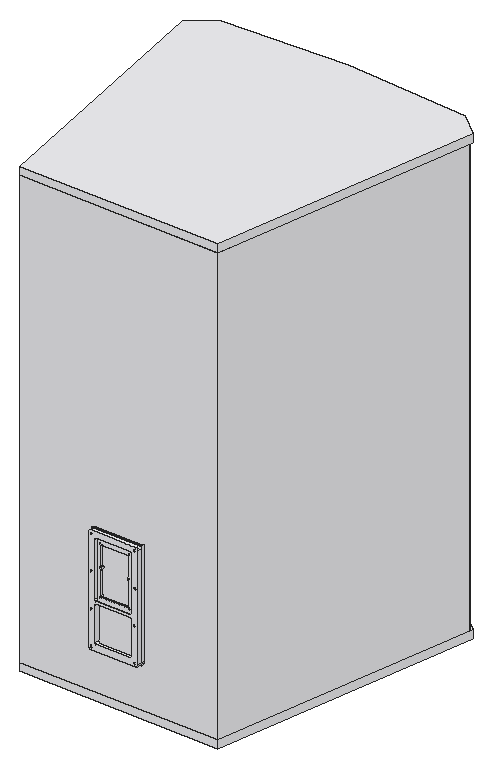
Revit family "EVC-1122-64", category Communication Devices, Revit 2017 (continued)
Definition of nested family "InputPanel_small"
  Lines and regions (mm)
    model lines, not visible
      curve 484: line (54.504, -9.5, 76.743) -> (56.298, -9.5, 74.554)
      curve 485: line (56.298, -9.5, 74.554) -> (55.807, -9.5, 74.222)
      curve 486: line (54.503, -9.5, 83.049) -> (56.297, -9.5, 80.86)
      curve 487: line (56.297, -9.5, 80.86) -> (55.806, -9.5, 80.528)
      curve 488: line (54.531, -9.5, 76.998) -> (56.131, -9.5, 75.046)
      curve 489: line (56.131, -9.5, 75.046) -> (56.7, -9.5, 75.046)
      curve 490: line (56.7, -9.5, 75.046) -> (54.662, -9.5, 77.533)
      curve 491: line (54.531, -9.5, 83.304) -> (56.13, -9.5, 81.352)
      curve 492: line (56.13, -9.5, 81.352) -> (56.699, -9.5, 81.352)
      curve 493: line (56.699, -9.5, 81.352) -> (54.661, -9.5, 83.839)
      curve 494: line (54.505, -9.5, 70.437) -> (56.298, -9.5, 68.248)
      curve 495: line (56.298, -9.5, 68.248) -> (55.807, -9.5, 67.915)
      curve 496: line (54.506, -9.5, 64.13) -> (56.299, -9.5, 61.942)
      curve 497: line (56.299, -9.5, 61.942) -> (55.808, -9.5, 61.609)
      curve 498: line (54.533, -9.5, 64.385) -> (56.132, -9.5, 62.433)
      curve 499: line (56.132, -9.5, 62.433) -> (56.702, -9.5, 62.433)
      curve 500: line (56.702, -9.5, 62.433) -> (54.664, -9.5, 64.92)
      curve 501: line (54.532, -9.5, 70.691) -> (56.131, -9.5, 68.739)
      curve 502: line (56.131, -9.5, 68.739) -> (56.701, -9.5, 68.739)
      curve 503: line (56.701, -9.5, 68.739) -> (54.663, -9.5, 71.227)
      curve 504: line (51.568, -9.5, 63.815) -> (51.568, -9.5, 60.772)
      curve 505: line (51.568, -9.5, 60.772) -> (46.145, -9.5, 60.771)
      curve 506: line (46.145, -9.5, 60.771) -> (46.141, -9.5, 85.996)
      curve 507: line (46.141, -9.5, 85.996) -> (51.565, -9.5, 85.997)
      curve 508: line (51.565, -9.5, 85.997) -> (52.989, -9.5, 85.997)
      curve 509: line (52.989, -9.5, 85.997) -> (49.876, -9.5, 86.125)
      curve 510: line (49.876, -9.5, 86.125) -> (49.754, -9.5, 86.302)
      curve 511: line (52.992, -9.5, 60.772) -> (51.568, -9.5, 60.772)
      curve 512: line (45.361, -9.5, 79.392) -> (45.362, -9.5, 73.88)
      curve 513: line (45.362, -9.5, 73.88) -> (41.147, -9.5, 73.88)
      curve 514: line (41.147, -9.5, 73.88) -> (41.146, -9.5, 79.392)
      curve 515: line (41.146, -9.5, 79.392) -> (45.361, -9.5, 79.392)
      curve 516: line (41.146, -9.5, 79.988) -> (41.145, -9.5, 85.499)
      curve 517: line (41.145, -9.5, 85.499) -> (45.36, -9.5, 85.5)
      curve 518: line (45.36, -9.5, 85.5) -> (45.361, -9.5, 79.988)
      curve 519: line (45.361, -9.5, 79.988) -> (41.146, -9.5, 79.988)
      curve 520: line (45.819, -9.5, 60.771) -> (45.816, -9.5, 85.996)
      curve 521: line (45.816, -9.5, 85.996) -> (40.689, -9.5, 85.996)
      curve 522: line (40.689, -9.5, 85.996) -> (40.692, -9.5, 60.771)
      curve 523: line (40.692, -9.5, 60.771) -> (45.819, -9.5, 60.771)
      curve 524: line (45.819, -9.5, 60.771) -> (46.145, -9.5, 60.771)
      curve 525: line (45.363, -9.5, 66.78) -> (45.363, -9.5, 61.268)
      curve 526: line (45.363, -9.5, 61.268) -> (41.148, -9.5, 61.267)
      curve 527: line (41.148, -9.5, 61.267) -> (41.147, -9.5, 66.779)
      curve 528: line (41.147, -9.5, 66.779) -> (45.363, -9.5, 66.78)
      curve 529: line (41.147, -9.5, 67.375) -> (41.147, -9.5, 72.887)
      curve 530: line (41.147, -9.5, 72.887) -> (45.362, -9.5, 72.887)
      curve 531: line (45.362, -9.5, 72.887) -> (45.363, -9.5, 67.375)
      curve 532: line (45.363, -9.5, 67.375) -> (41.147, -9.5, 67.375)
      curve 533: line (45.816, -9.5, 85.996) -> (46.141, -9.5, 85.996)
      curve 534: line (46.141, -9.5, 85.996) -> (42.88, -9.5, 86.124)
      curve 535: line (42.88, -9.5, 86.124) -> (42.758, -9.5, 86.301)
      curve 536: line (42.758, -9.5, 86.301) -> (45.891, -9.5, 86.301)
      curve 537: line (45.891, -9.5, 86.301) -> (46.013, -9.5, 86.124)
      curve 538: line (45.361, -9.5, 78.225) -> (43.953, -9.5, 78.225)
      curve 539: line (43.953, -9.5, 78.225) -> (43.627, -9.5, 78.913)
      curve 540: line (43.627, -9.5, 78.913) -> (43.242, -9.5, 79.392)
      curve 541: line (45.363, -9.5, 65.613) -> (43.954, -9.5, 65.612)
      curve 542: line (43.954, -9.5, 65.612) -> (43.629, -9.5, 66.3)
      curve 543: line (43.629, -9.5, 66.3) -> (43.244, -9.5, 66.779)
      curve 544: line (45.362, -9.5, 68.542) -> (43.954, -9.5, 68.542)
      curve 545: line (43.954, -9.5, 68.542) -> (43.629, -9.5, 67.854)
      curve 546: line (43.629, -9.5, 67.854) -> (43.244, -9.5, 67.375)
      curve 547: line (45.361, -9.5, 81.155) -> (43.952, -9.5, 81.155)
      curve 548: line (43.952, -9.5, 81.155) -> (43.627, -9.5, 80.467)
      curve 549: line (43.627, -9.5, 80.467) -> (43.242, -9.5, 79.988)
      curve 550: line (45.362, -9.5, 71.919) -> (43.954, -9.5, 71.919)
      curve 551: line (43.954, -9.5, 71.919) -> (43.628, -9.5, 72.607)
      curve 552: line (43.628, -9.5, 72.607) -> (43.403, -9.5, 72.887)
      curve 553: line (45.361, -9.5, 84.532) -> (43.952, -9.5, 84.531)
      curve 554: line (43.952, -9.5, 84.531) -> (43.627, -9.5, 85.219)
      curve 555: line (43.627, -9.5, 85.219) -> (43.401, -9.5, 85.5)
      curve 556: line (45.362, -9.5, 74.849) -> (43.953, -9.5, 74.848)
      curve 557: line (43.953, -9.5, 74.848) -> (43.628, -9.5, 74.16)
      curve 558: line (43.403, -9.5, 73.88) -> (43.628, -9.5, 74.16)
      curve 559: line (43.628, -9.5, 74.16) -> (43.627, -9.5, 78.913)
      curve 560: line (45.363, -9.5, 62.236) -> (43.955, -9.5, 62.236)
      curve 561: line (43.955, -9.5, 62.236) -> (43.629, -9.5, 61.548)
      curve 562: line (43.629, -9.5, 61.548) -> (43.629, -9.5, 66.3)
      curve 563: line (43.404, -9.5, 61.267) -> (43.629, -9.5, 61.548)
      curve 564: line (43.954, -9.5, 68.542) -> (43.954, -9.5, 71.919)
      curve 565: line (43.952, -9.5, 81.155) -> (43.952, -9.5, 84.531)
      curve 566: line (43.954, -9.5, 65.612) -> (43.955, -9.5, 62.236)
      curve 567: line (43.953, -9.5, 78.225) -> (43.953, -9.5, 74.848)
      curve 568: line (45.891, -9.5, 86.301) -> (45.891, -9.5, 86.563)
      curve 569: line (45.891, -9.5, 86.563) -> (42.758, -9.5, 86.562)
      curve 570: line (42.758, -9.5, 86.562) -> (42.758, -9.5, 86.301)
      curve 571: line (45.891, -9.5, 86.563) -> (46.472, -9.5, 86.563)
      curve 572: line (46.472, -9.5, 86.563) -> (46.472, -9.5, 86.301)
      curve 573: line (46.472, -9.5, 86.301) -> (46.35, -9.5, 86.124)
      curve 574: line (42.244, -9.5, 79.988) -> (42.243, -9.5, 85.499)
      curve 575: line (42.246, -9.5, 67.375) -> (42.245, -9.5, 72.887)
      curve 576: line (42.246, -9.5, 61.267) -> (42.246, -9.5, 66.779)
      curve 577: line (42.245, -9.5, 73.88) -> (42.244, -9.5, 79.392)
      curve 578: line (43.629, -9.5, 67.854) -> (43.628, -9.5, 72.607)
      curve 579: line (43.627, -9.5, 80.467) -> (43.627, -9.5, 85.219)
      curve 580: line (52.887, -9.5, 86.302) -> (53.009, -9.5, 86.125)
      curve 581: line (52.887, -9.5, 86.563) -> (52.887, -9.5, 86.302)
      curve 582: line (52.887, -9.5, 86.302) -> (49.754, -9.5, 86.302)
      curve 583: line (49.754, -9.5, 86.302) -> (49.754, -9.5, 86.563)
      curve 584: line (49.754, -9.5, 86.563) -> (52.887, -9.5, 86.563)
      curve 585: line (52.887, -9.5, 86.563) -> (53.468, -9.5, 86.563)
      curve 586: line (53.468, -9.5, 86.563) -> (53.468, -9.5, 86.302)
      curve 587: line (53.468, -9.5, 86.302) -> (53.346, -9.5, 86.125)
      curve 588: line (78.97, -9.5, 60.972) -> (78.967, -9.5, 85.803)
      curve 589: line (78.912, -9.5, 85.748) -> (78.915, -9.5, 61.027)
      curve 590: line (77.958, -9.5, 86.812) -> (40.515, -9.5, 86.808)
      curve 591: line (40.57, -9.5, 86.753) -> (77.903, -9.5, 86.757)
      curve 592: line (39.506, -9.5, 85.799) -> (39.509, -9.5, 60.968)
      curve 593: line (39.509, -9.5, 60.97) -> (39.561, -9.5, 85.744)
      curve 594: line (40.518, -9.5, 59.959) -> (77.962, -9.5, 59.963)
      curve 595: line (77.907, -9.5, 60.018) -> (40.573, -9.5, 60.014)
      curve 596: line (61.368, -9.5, 70.233) -> (59.749, -9.5, 70.232)
      curve 597: line (59.749, -9.5, 70.232) -> (59.415, -9.5, 70.232)
      curve 598: line (61.369, -9.5, 63.926) -> (59.75, -9.5, 63.926)
      curve 599: line (59.75, -9.5, 63.926) -> (59.417, -9.5, 63.926)
      curve 600: line (61.367, -9.5, 76.539) -> (59.748, -9.5, 76.539)
      curve 601: line (59.748, -9.5, 76.539) -> (59.415, -9.5, 76.539)
      curve 602: line (61.367, -9.5, 82.845) -> (59.747, -9.5, 82.845)
      curve 603: line (59.747, -9.5, 82.845) -> (59.414, -9.5, 82.845)
      curve 604: line (57.109, -9.5, 76.538) -> (58.728, -9.5, 76.539)
      curve 605: line (58.728, -9.5, 76.539) -> (59.062, -9.5, 76.539)
      curve 606: line (57.108, -9.5, 82.845) -> (58.727, -9.5, 82.845)
      curve 607: line (58.727, -9.5, 82.845) -> (59.06, -9.5, 82.845)
      curve 608: line (57.109, -9.5, 70.232) -> (58.729, -9.5, 70.232)
      curve 609: line (58.729, -9.5, 70.232) -> (59.062, -9.5, 70.232)
      curve 610: line (57.11, -9.5, 63.926) -> (58.729, -9.5, 63.926)
      curve 611: line (58.729, -9.5, 63.926) -> (59.063, -9.5, 63.926)
    model lines
      curve 612: arc (-30.696, -4.337, 30.291) -> (-31.037, -4.337, 28.695) -> (-32.139, -4.337, 27.491) r 3.109
      curve 613: arc (-30.695, -4.337, 42.904) -> (-31.035, -4.337, 41.308) -> (-32.138, -4.337, 40.104) r 3.109
      curve 614: arc (-30.698, -4.337, 23.985) -> (-31.033, -4.337, 22.399) -> (-32.121, -4.337, 21.198) r 3.108
      curve 615: arc (-30.696, -4.337, 36.598) -> (-31.031, -4.337, 35.012) -> (-32.119, -4.337, 33.811) r 3.108
      curve 616: arc (-31.992, -4.337, 33.004) -> (-31.001, -4.337, 31.812) -> (-30.695, -4.337, 30.291) r 3.166
      curve 617: arc (-31.991, -4.337, 45.616) -> (-30.999, -4.337, 44.424) -> (-30.693, -4.337, 42.904) r 3.166
      curve 618: arc (-31.993, -4.337, 26.696) -> (-31.002, -4.337, 25.504) -> (-30.696, -4.337, 23.985) r 3.165
      curve 619: arc (-31.991, -4.337, 39.309) -> (-31.001, -4.337, 38.117) -> (-30.695, -4.337, 36.598) r 3.165
      curve 620: arc (-30.343, -4.337, 36.598) -> (-30.002, -4.337, 38.194) -> (-28.9, -4.337, 39.398) r 3.109
      curve 621: arc (-30.344, -4.337, 23.985) -> (-30.004, -4.337, 25.581) -> (-28.901, -4.337, 26.785) r 3.109
      curve 622: arc (-30.341, -4.337, 42.904) -> (-30.006, -4.337, 44.49) -> (-28.918, -4.337, 45.691) r 3.108
      curve 623: arc (-30.343, -4.337, 30.291) -> (-30.007, -4.337, 31.877) -> (-28.92, -4.337, 33.078) r 3.108
      curve 624: arc (-29.046, -4.337, 33.885) -> (-30.038, -4.337, 35.077) -> (-30.344, -4.337, 36.598) r 3.166
      curve 625: arc (-29.048, -4.337, 21.273) -> (-30.039, -4.337, 22.465) -> (-30.346, -4.337, 23.985) r 3.166
      curve 626: arc (-29.046, -4.337, 40.193) -> (-30.037, -4.337, 41.385) -> (-30.343, -4.337, 42.904) r 3.165
      curve 627: arc (-29.048, -4.337, 27.58) -> (-30.038, -4.337, 28.772) -> (-30.344, -4.337, 30.291) r 3.165
      curve 628: arc (-33.959, -4.337, 27.746) -> (-35.033, -4.337, 28.816) -> (-35.384, -4.337, 30.292) r 2.775
      curve 629: arc (-34.651, -4.337, 27.426) -> (-35.725, -4.337, 28.679) -> (-36.075, -4.337, 30.292) r 3.371
      curve 630: arc (-33.959, -4.337, 27.746) -> (-34.28, -4.337, 27.533) -> (-34.651, -4.337, 27.426) r 1.273
      curve 631: arc (-33.957, -4.337, 40.358) -> (-35.031, -4.337, 41.429) -> (-35.382, -4.337, 42.905) r 2.775
      curve 632: arc (-34.649, -4.337, 40.039) -> (-35.723, -4.337, 41.292) -> (-36.074, -4.337, 42.905) r 3.371
      curve 633: arc (-33.957, -4.337, 40.358) -> (-34.279, -4.337, 40.146) -> (-34.649, -4.337, 40.039) r 1.273
      curve 634: arc (-33.96, -4.337, 21.44) -> (-35.033, -4.337, 22.511) -> (-35.384, -4.337, 23.986) r 2.774
      curve 635: arc (-34.651, -4.337, 21.121) -> (-35.725, -4.337, 22.374) -> (-36.075, -4.337, 23.986) r 3.37
      curve 636: arc (-33.96, -4.337, 21.44) -> (-34.281, -4.337, 21.228) -> (-34.651, -4.337, 21.121) r 1.273
      curve 637: arc (-33.958, -4.337, 34.053) -> (-35.032, -4.337, 35.123) -> (-35.382, -4.337, 36.598) r 2.774
      curve 638: arc (-34.65, -4.337, 33.734) -> (-35.723, -4.337, 34.986) -> (-36.074, -4.337, 36.598) r 3.37
      curve 639: arc (-33.958, -4.337, 34.053) -> (-34.28, -4.337, 33.84) -> (-34.65, -4.337, 33.734) r 1.273
      curve 640: arc (-35.384, -4.337, 30.292) -> (-35.033, -4.337, 31.767) -> (-33.958, -4.337, 32.838) r 2.775
      curve 641: arc (-34.65, -4.337, 33.157) -> (-34.28, -4.337, 33.051) -> (-33.958, -4.337, 32.838) r 1.273
      curve 642: arc (-36.075, -4.337, 30.292) -> (-35.724, -4.337, 31.905) -> (-34.65, -4.337, 33.157) r 3.371
      curve 643: arc (-35.382, -4.337, 42.905) -> (-35.031, -4.337, 44.38) -> (-33.957, -4.337, 45.451) r 2.775
      curve 644: arc (-34.648, -4.337, 45.77) -> (-34.278, -4.337, 45.663) -> (-33.957, -4.337, 45.451) r 1.273
      curve 645: arc (-36.074, -4.337, 42.905) -> (-35.723, -4.337, 44.517) -> (-34.648, -4.337, 45.77) r 3.371
      curve 646: arc (-35.384, -4.337, 23.986) -> (-35.033, -4.337, 25.461) -> (-33.959, -4.337, 26.531) r 2.774
      curve 647: arc (-34.651, -4.337, 26.85) -> (-34.28, -4.337, 26.743) -> (-33.959, -4.337, 26.531) r 1.273
      curve 648: arc (-36.075, -4.337, 23.986) -> (-35.725, -4.337, 25.598) -> (-34.651, -4.337, 26.85) r 3.37
      curve 649: arc (-35.382, -4.337, 36.598) -> (-35.031, -4.337, 38.073) -> (-33.958, -4.337, 39.143) r 2.774
      curve 650: arc (-34.649, -4.337, 39.463) -> (-34.279, -4.337, 39.356) -> (-33.958, -4.337, 39.143) r 1.273
      curve 651: arc (-36.074, -4.337, 36.598) -> (-35.723, -4.337, 38.21) -> (-34.649, -4.337, 39.463) r 3.37
      curve 652: arc (-30.908, -4.337, 23.985) -> (-31.259, -4.337, 22.51) -> (-32.333, -4.337, 21.44) r 2.774
      curve 653: arc (-32.332, -4.337, 26.53) -> (-31.258, -4.337, 25.46) -> (-30.908, -4.337, 23.985) r 2.774
      curve 654: arc (-30.906, -4.337, 30.291) -> (-31.258, -4.337, 28.816) -> (-32.332, -4.337, 27.745) r 2.775
      curve 655: arc (-32.331, -4.337, 32.838) -> (-31.257, -4.337, 31.767) -> (-30.906, -4.337, 30.291) r 2.775
      curve 656: arc (-30.906, -4.337, 36.598) -> (-31.257, -4.337, 35.123) -> (-32.331, -4.337, 34.053) r 2.774
      curve 657: arc (-32.33, -4.337, 39.143) -> (-31.257, -4.337, 38.073) -> (-30.906, -4.337, 36.598) r 2.774
      curve 658: arc (-30.905, -4.337, 42.904) -> (-31.256, -4.337, 41.429) -> (-32.33, -4.337, 40.358) r 2.775
      curve 659: arc (-32.33, -4.337, 45.45) -> (-31.256, -4.337, 44.38) -> (-30.905, -4.337, 42.904) r 2.775
      curve 660: arc (-36.768, -4.337, 27.427) -> (-37.818, -4.337, 28.63) -> (-38.191, -4.337, 30.182) r 3.348
      curve 661: arc (-36.766, -4.337, 40.039) -> (-37.816, -4.337, 41.242) -> (-38.19, -4.337, 42.794) r 3.348
      curve 662: arc (-38.191, -4.337, 30.403) -> (-37.817, -4.337, 31.955) -> (-36.767, -4.337, 33.158) r 3.348
      curve 663: arc (-38.19, -4.337, 43.015) -> (-37.816, -4.337, 44.568) -> (-36.766, -4.337, 45.77) r 3.348
      curve 664: arc (-36.769, -4.337, 21.121) -> (-37.825, -4.337, 22.337) -> (-38.192, -4.337, 23.905) r 3.353
      curve 665: arc (-36.767, -4.337, 33.734) -> (-37.823, -4.337, 34.95) -> (-38.191, -4.337, 36.517) r 3.353
      curve 666: arc (-38.192, -4.337, 24.067) -> (-37.824, -4.337, 25.635) -> (-36.768, -4.337, 26.85) r 3.353
      curve 667: arc (-38.191, -4.337, 36.68) -> (-37.823, -4.337, 38.248) -> (-36.767, -4.337, 39.463) r 3.353
      curve 668: arc (-32.649, -4.337, 30.292) -> (-32.982, -4.337, 28.919) -> (-34.009, -4.337, 27.951) r 2.482
      curve 669: arc (-32.65, -4.337, 23.985) -> (-32.983, -4.337, 22.613) -> (-34.01, -4.337, 21.644) r 2.482
      curve 670: arc (-33.058, -4.337, 25.478) -> (-32.751, -4.337, 24.76) -> (-32.65, -4.337, 23.985) r 2.857
      curve 671: arc (-33.734, -4.337, 25.636) -> (-33.68, -4.337, 25.558) -> (-33.628, -4.337, 25.478) r 2.446
      curve 672: arc (-33.058, -4.337, 31.784) -> (-32.75, -4.337, 31.066) -> (-32.649, -4.337, 30.292) r 2.857
      curve 673: arc (-33.733, -4.337, 31.942) -> (-33.679, -4.337, 31.864) -> (-33.627, -4.337, 31.784) r 2.446
      curve 674: arc (-32.649, -4.337, 36.598) -> (-32.981, -4.337, 35.226) -> (-34.008, -4.337, 34.257) r 2.482
      curve 675: arc (-32.648, -4.337, 42.904) -> (-32.98, -4.337, 41.532) -> (-34.008, -4.337, 40.563) r 2.482
      curve 676: arc (-33.057, -4.337, 38.091) -> (-32.75, -4.337, 37.372) -> (-32.649, -4.337, 36.598) r 2.857
      curve 677: arc (-33.733, -4.337, 38.249) -> (-33.678, -4.337, 38.171) -> (-33.626, -4.337, 38.091) r 2.446
      curve 678: arc (-33.056, -4.337, 44.397) -> (-32.749, -4.337, 43.679) -> (-32.648, -4.337, 42.904) r 2.857
      curve 679: arc (-33.732, -4.337, 44.555) -> (-33.677, -4.337, 44.477) -> (-33.626, -4.337, 44.397) r 2.446
      curve 680: arc (-27.08, -4.337, 39.143) -> (-26.006, -4.337, 38.073) -> (-25.655, -4.337, 36.597) r 2.775
      curve 681: arc (-26.388, -4.337, 39.463) -> (-25.314, -4.337, 38.21) -> (-24.964, -4.337, 36.597) r 3.371
      curve 682: arc (-27.08, -4.337, 39.143) -> (-26.759, -4.337, 39.356) -> (-26.388, -4.337, 39.463) r 1.273
      curve 683: arc (-27.082, -4.337, 26.531) -> (-26.007, -4.337, 25.46) -> (-25.657, -4.337, 23.984) r 2.775
      curve 684: arc (-26.39, -4.337, 26.85) -> (-25.316, -4.337, 25.597) -> (-24.965, -4.337, 23.984) r 3.371
      curve 685: arc (-27.082, -4.337, 26.531) -> (-26.76, -4.337, 26.743) -> (-26.39, -4.337, 26.85) r 1.273
      curve 686: arc (-27.079, -4.337, 45.449) -> (-26.006, -4.337, 44.378) -> (-25.655, -4.337, 42.903) r 2.774
      curve 687: arc (-26.388, -4.337, 45.768) -> (-25.314, -4.337, 44.515) -> (-24.963, -4.337, 42.903) r 3.37
      curve 688: arc (-27.079, -4.337, 45.449) -> (-26.758, -4.337, 45.661) -> (-26.388, -4.337, 45.768) r 1.273
      curve 689: arc (-27.081, -4.337, 32.836) -> (-26.007, -4.337, 31.766) -> (-25.657, -4.337, 30.291) r 2.774
      curve 690: arc (-26.389, -4.337, 33.155) -> (-25.315, -4.337, 31.903) -> (-24.965, -4.337, 30.291) r 3.37
      curve 691: arc (-27.081, -4.337, 32.836) -> (-26.759, -4.337, 33.049) -> (-26.389, -4.337, 33.155) r 1.273
      curve 692: arc (-25.655, -4.337, 36.597) -> (-26.006, -4.337, 35.122) -> (-27.081, -4.337, 34.051) r 2.775
      curve 693: arc (-26.389, -4.337, 33.732) -> (-26.759, -4.337, 33.838) -> (-27.081, -4.337, 34.051) r 1.273
      curve 694: arc (-24.964, -4.337, 36.597) -> (-25.315, -4.337, 34.984) -> (-26.389, -4.337, 33.732) r 3.371
      curve 695: arc (-25.657, -4.337, 23.984) -> (-26.008, -4.337, 22.509) -> (-27.082, -4.337, 21.438) r 2.775
      curve 696: arc (-26.391, -4.337, 21.119) -> (-26.761, -4.337, 21.226) -> (-27.082, -4.337, 21.438) r 1.273
      curve 697: arc (-24.965, -4.337, 23.984) -> (-25.316, -4.337, 22.372) -> (-26.391, -4.337, 21.119) r 3.371
      curve 698: arc (-25.655, -4.337, 42.903) -> (-26.006, -4.337, 41.429) -> (-27.08, -4.337, 40.358) r 2.774
      curve 699: arc (-26.388, -4.337, 40.039) -> (-26.759, -4.337, 40.146) -> (-27.08, -4.337, 40.358) r 1.273
      curve 700: arc (-24.963, -4.337, 42.903) -> (-25.314, -4.337, 41.291) -> (-26.388, -4.337, 40.039) r 3.37
      curve 701: arc (-25.657, -4.337, 30.291) -> (-26.008, -4.337, 28.816) -> (-27.081, -4.337, 27.746) r 2.774
      curve 702: arc (-26.39, -4.337, 27.426) -> (-26.76, -4.337, 27.533) -> (-27.081, -4.337, 27.746) r 1.273
      curve 703: arc (-24.965, -4.337, 30.291) -> (-25.316, -4.337, 28.679) -> (-26.39, -4.337, 27.426) r 3.37
      curve 704: arc (-30.131, -4.337, 42.904) -> (-29.78, -4.337, 44.379) -> (-28.706, -4.337, 45.449) r 2.774
      curve 705: arc (-28.707, -4.337, 40.359) -> (-29.78, -4.337, 41.429) -> (-30.131, -4.337, 42.904) r 2.774
      curve 706: arc (-30.133, -4.337, 36.598) -> (-29.781, -4.337, 38.073) -> (-28.707, -4.337, 39.144) r 2.775
      curve 707: arc (-28.708, -4.337, 34.051) -> (-29.782, -4.337, 35.122) -> (-30.133, -4.337, 36.598) r 2.775
      curve 708: arc (-30.133, -4.337, 30.291) -> (-29.782, -4.337, 31.766) -> (-28.708, -4.337, 32.836) r 2.774
      curve 709: arc (-28.708, -4.337, 27.746) -> (-29.782, -4.337, 28.816) -> (-30.133, -4.337, 30.291) r 2.774
      curve 710: arc (-30.134, -4.337, 23.985) -> (-29.783, -4.337, 25.46) -> (-28.709, -4.337, 26.531) r 2.775
      curve 711: arc (-28.709, -4.337, 21.439) -> (-29.783, -4.337, 22.509) -> (-30.134, -4.337, 23.985) r 2.775
      curve 712: arc (-24.271, -4.337, 39.462) -> (-23.221, -4.337, 38.26) -> (-22.848, -4.337, 36.707) r 3.348
      curve 713: arc (-24.272, -4.337, 26.85) -> (-23.223, -4.337, 25.647) -> (-22.849, -4.337, 24.095) r 3.348
      curve 714: arc (-22.848, -4.337, 36.486) -> (-23.222, -4.337, 34.934) -> (-24.272, -4.337, 33.731) r 3.348
      curve 715: arc (-22.849, -4.337, 23.874) -> (-23.223, -4.337, 22.321) -> (-24.273, -4.337, 21.119) r 3.348
      curve 716: arc (-24.27, -4.337, 45.768) -> (-23.214, -4.337, 44.552) -> (-22.847, -4.337, 42.984) r 3.353
      curve 717: arc (-24.272, -4.337, 33.155) -> (-23.216, -4.337, 31.939) -> (-22.848, -4.337, 30.372) r 3.353
      curve 718: arc (-22.847, -4.337, 42.822) -> (-23.215, -4.337, 41.254) -> (-24.271, -4.337, 40.039) r 3.353
      curve 719: arc (-22.848, -4.337, 30.209) -> (-23.216, -4.337, 28.641) -> (-24.272, -4.337, 27.426) r 3.353
      curve 720: arc (-28.389, -4.337, 42.904) -> (-28.056, -4.337, 44.276) -> (-27.029, -4.337, 45.245) r 2.482
      curve 721: arc (-28.39, -4.337, 36.597) -> (-28.057, -4.337, 37.97) -> (-27.03, -4.337, 38.938) r 2.482
      curve 722: arc (-27.981, -4.337, 35.105) -> (-28.288, -4.337, 35.823) -> (-28.39, -4.337, 36.597) r 2.857
      curve 723: arc (-27.306, -4.337, 34.947) -> (-27.36, -4.337, 35.025) -> (-27.412, -4.337, 35.105) r 2.446
      curve 724: arc (-27.981, -4.337, 41.411) -> (-28.288, -4.337, 42.129) -> (-28.389, -4.337, 42.904) r 2.857
      curve 725: arc (-27.305, -4.337, 41.253) -> (-27.359, -4.337, 41.331) -> (-27.411, -4.337, 41.411) r 2.446
      curve 726: arc (-28.39, -4.337, 30.291) -> (-28.058, -4.337, 31.663) -> (-27.031, -4.337, 32.632) r 2.482
      curve 727: arc (-28.391, -4.337, 23.985) -> (-28.058, -4.337, 25.357) -> (-27.031, -4.337, 26.326) r 2.482
      curve 728: arc (-27.983, -4.337, 22.492) -> (-28.29, -4.337, 23.21) -> (-28.391, -4.337, 23.985) r 2.857
      curve 729: arc (-27.307, -4.337, 22.334) -> (-27.362, -4.337, 22.412) -> (-27.413, -4.337, 22.492) r 2.446
      curve 730: arc (-27.982, -4.337, 28.799) -> (-28.289, -4.337, 29.517) -> (-28.39, -4.337, 30.291) r 2.857
      curve 731: arc (-27.306, -4.337, 28.64) -> (-27.361, -4.337, 28.718) -> (-27.412, -4.337, 28.798) r 2.446
      curve 732: spline (-49.243, -4.337, 20.022) -> (-49.374, -4.337, 20.031) -> (-49.504, -4.337, 20.057) -> (-49.629, -4.337, 20.099) -> (-49.747, -4.337, 20.158) -> (-49.857, -4.337, 20.231) -> (-49.956, -4.337, 20.318) -> (-50.043, -4.337, 20.417) -> (-50.116, -4.337, 20.527) -> (-50.175, -4.337, 20.645) -> (-50.217, -4.337, 20.77) -> (-50.243, -4.337, 20.9) -> (-50.251, -4.337, 21.031)
      curve 733: spline (-50.248, -4.337, 45.862) -> (-50.24, -4.337, 45.994) -> (-50.214, -4.337, 46.124) -> (-50.172, -4.337, 46.249) -> (-50.113, -4.337, 46.367) -> (-50.04, -4.337, 46.477) -> (-49.953, -4.337, 46.576) -> (-49.854, -4.337, 46.663) -> (-49.744, -4.337, 46.736) -> (-49.626, -4.337, 46.794) -> (-49.501, -4.337, 46.837) -> (-49.371, -4.337, 46.863) -> (-49.239, -4.337, 46.871)
      curve 734: spline (-11.796, -4.337, 46.867) -> (-11.664, -4.337, 46.858) -> (-11.535, -4.337, 46.832) -> (-11.41, -4.337, 46.79) -> (-11.291, -4.337, 46.731) -> (-11.182, -4.337, 46.658) -> (-11.082, -4.337, 46.571) -> (-10.995, -4.337, 46.472) -> (-10.922, -4.337, 46.362) -> (-10.864, -4.337, 46.244) -> (-10.821, -4.337, 46.119) -> (-10.796, -4.337, 45.989) -> (-10.787, -4.337, 45.858)
      curve 735: spline (-10.79, -4.337, 21.029) -> (-10.798, -4.337, 20.897) -> (-10.824, -4.337, 20.767) -> (-10.866, -4.337, 20.642) -> (-10.925, -4.337, 20.523) -> (-10.998, -4.337, 20.413) -> (-11.085, -4.337, 20.314) -> (-11.184, -4.337, 20.227) -> (-11.294, -4.337, 20.153) -> (-11.412, -4.337, 20.095) -> (-11.538, -4.337, 20.052) -> (-11.667, -4.337, 20.026) -> (-11.799, -4.337, 20.018)
      curve 736: spline (-11.851, -4.337, 46.812) -> (-11.719, -4.337, 46.803) -> (-11.59, -4.337, 46.777) -> (-11.465, -4.337, 46.735) -> (-11.346, -4.337, 46.676) -> (-11.237, -4.337, 46.603) -> (-11.137, -4.337, 46.516) -> (-11.05, -4.337, 46.417) -> (-10.977, -4.337, 46.307) -> (-10.919, -4.337, 46.189) -> (-10.876, -4.337, 46.064) -> (-10.851, -4.337, 45.934) -> (-10.842, -4.337, 45.803)
      curve 737: spline (-10.845, -4.337, 21.082) -> (-10.854, -4.337, 20.95) -> (-10.879, -4.337, 20.82) -> (-10.922, -4.337, 20.696) -> (-10.98, -4.337, 20.577) -> (-11.054, -4.337, 20.467) -> (-11.141, -4.337, 20.368) -> (-11.24, -4.337, 20.281) -> (-11.35, -4.337, 20.208) -> (-11.468, -4.337, 20.15) -> (-11.593, -4.337, 20.107) -> (-11.722, -4.337, 20.081) -> (-11.854, -4.337, 20.073)
      curve 738: spline (-50.193, -4.337, 45.807) -> (-50.185, -4.337, 45.939) -> (-50.159, -4.337, 46.069) -> (-50.117, -4.337, 46.194) -> (-50.058, -4.337, 46.312) -> (-49.985, -4.337, 46.422) -> (-49.898, -4.337, 46.521) -> (-49.799, -4.337, 46.608) -> (-49.689, -4.337, 46.681) -> (-49.571, -4.337, 46.739) -> (-49.446, -4.337, 46.782) -> (-49.316, -4.337, 46.808) -> (-49.184, -4.337, 46.816)
      curve 739: spline (-49.188, -4.337, 20.077) -> (-49.319, -4.337, 20.086) -> (-49.449, -4.337, 20.112) -> (-49.574, -4.337, 20.154) -> (-49.692, -4.337, 20.213) -> (-49.802, -4.337, 20.286) -> (-49.901, -4.337, 20.373) -> (-49.988, -4.337, 20.472) -> (-50.061, -4.337, 20.582) -> (-50.12, -4.337, 20.7) -> (-50.162, -4.337, 20.825) -> (-50.188, -4.337, 20.955) -> (-50.196, -4.337, 21.086)
      curve 740: line (-35.26, -4.337, 30.292) -> (-35.099, -4.337, 31.28)
      curve 741: line (-35.099, -4.337, 31.28) -> (-34.641, -4.337, 32.118)
      curve 742: line (-34.641, -4.337, 32.118) -> (-33.954, -4.337, 32.677)
      curve 743: line (-33.954, -4.337, 32.677) -> (-33.145, -4.337, 32.874)
      curve 744: line (-33.145, -4.337, 32.874) -> (-32.335, -4.337, 32.677)
      curve 745: line (-32.335, -4.337, 32.677) -> (-31.649, -4.337, 32.117)
      curve 746: line (-31.649, -4.337, 32.117) -> (-31.191, -4.337, 31.28)
      curve 747: line (-31.191, -4.337, 31.28) -> (-31.03, -4.337, 30.291)
      curve 748: line (-31.03, -4.337, 30.291) -> (-31.191, -4.337, 29.303)
      curve 749: line (-31.191, -4.337, 29.303) -> (-31.65, -4.337, 28.466)
      curve 750: line (-31.65, -4.337, 28.466) -> (-32.336, -4.337, 27.906)
      curve 751: line (-32.336, -4.337, 27.906) -> (-33.145, -4.337, 27.71)
      curve 752: line (-33.145, -4.337, 27.71) -> (-33.955, -4.337, 27.906)
      curve 753: line (-33.955, -4.337, 27.906) -> (-34.641, -4.337, 28.466)
      curve 754: line (-34.641, -4.337, 28.466) -> (-35.096, -4.337, 29.297)
      curve 755: line (-35.099, -4.337, 29.304) -> (-35.384, -4.337, 30.292)
      curve 756: line (-35.384, -4.337, 30.292) -> (-36.075, -4.337, 30.292)
      curve 757: line (-36.075, -4.337, 30.292) -> (-38.193, -4.337, 30.292)
      curve 758: line (-38.193, -4.337, 30.292) -> (-38.192, -4.337, 24.067)
      curve 759: line (-35.259, -4.337, 42.905) -> (-35.098, -4.337, 43.893)
      curve 760: line (-35.098, -4.337, 43.893) -> (-34.639, -4.337, 44.73)
      curve 761: line (-34.639, -4.337, 44.73) -> (-33.953, -4.337, 45.29)
      curve 762: line (-33.953, -4.337, 45.29) -> (-33.143, -4.337, 45.486)
      curve 763: line (-33.143, -4.337, 45.486) -> (-32.334, -4.337, 45.29)
      curve 764: line (-32.334, -4.337, 45.29) -> (-31.648, -4.337, 44.73)
      curve 765: line (-31.648, -4.337, 44.73) -> (-31.189, -4.337, 43.892)
      curve 766: line (-31.189, -4.337, 43.892) -> (-31.028, -4.337, 42.904)
      curve 767: line (-31.028, -4.337, 42.904) -> (-31.19, -4.337, 41.916)
      curve 768: line (-31.19, -4.337, 41.916) -> (-31.648, -4.337, 41.078)
      curve 769: line (-31.648, -4.337, 41.078) -> (-32.334, -4.337, 40.519)
      curve 770: line (-32.334, -4.337, 40.519) -> (-33.144, -4.337, 40.322)
      curve 771: line (-33.144, -4.337, 40.322) -> (-33.953, -4.337, 40.519)
      curve 772: line (-33.953, -4.337, 40.519) -> (-34.639, -4.337, 41.079)
      curve 773: line (-34.639, -4.337, 41.079) -> (-35.094, -4.337, 41.91)
      curve 774: line (-35.098, -4.337, 41.916) -> (-35.382, -4.337, 42.905)
      curve 775: line (-35.382, -4.337, 42.905) -> (-36.074, -4.337, 42.905)
      curve 776: line (-36.074, -4.337, 42.905) -> (-38.191, -4.337, 42.905)
      curve 777: line (-38.191, -4.337, 42.905) -> (-38.191, -4.337, 36.68)
      curve 778: line (-35.261, -4.337, 23.986) -> (-35.1, -4.337, 24.974)
      curve 779: line (-35.1, -4.337, 24.974) -> (-34.641, -4.337, 25.811)
      curve 780: line (-34.641, -4.337, 25.811) -> (-33.955, -4.337, 26.371)
      curve 781: line (-33.955, -4.337, 26.371) -> (-33.146, -4.337, 26.567)
      curve 782: line (-33.146, -4.337, 26.567) -> (-32.336, -4.337, 26.371)
      curve 783: line (-32.336, -4.337, 26.371) -> (-31.65, -4.337, 25.811)
      curve 784: line (-31.65, -4.337, 25.811) -> (-31.192, -4.337, 24.973)
      curve 785: line (-31.192, -4.337, 24.973) -> (-31.031, -4.337, 23.985)
      curve 786: line (-31.031, -4.337, 23.985) -> (-31.192, -4.337, 22.997)
      curve 787: line (-31.192, -4.337, 22.997) -> (-31.65, -4.337, 22.159)
      curve 788: line (-31.65, -4.337, 22.159) -> (-32.337, -4.337, 21.6)
      curve 789: line (-32.337, -4.337, 21.6) -> (-33.146, -4.337, 21.403)
      curve 790: line (-33.146, -4.337, 21.403) -> (-33.956, -4.337, 21.6)
      curve 791: line (-33.956, -4.337, 21.6) -> (-34.642, -4.337, 22.16)
      curve 792: line (-34.642, -4.337, 22.16) -> (-35.096, -4.337, 22.991)
      curve 793: line (-35.1, -4.337, 22.997) -> (-35.384, -4.337, 23.986)
      curve 794: line (-35.384, -4.337, 23.986) -> (-36.075, -4.337, 23.986)
      curve 795: line (-36.075, -4.337, 23.986) -> (-38.193, -4.337, 23.986)
      curve 796: line (-38.193, -4.337, 23.986) -> (-38.192, -4.337, 20.833)
      curve 797: line (-38.192, -4.337, 20.833) -> (-36.769, -4.337, 20.833)
      curve 798: line (-36.769, -4.337, 20.833) -> (-39.881, -4.337, 20.705)
      curve 799: line (-39.881, -4.337, 20.705) -> (-40.003, -4.337, 20.528)
      curve 800: line (-40.003, -4.337, 20.528) -> (-36.871, -4.337, 20.528)
      curve 801: line (-36.871, -4.337, 20.528) -> (-36.749, -4.337, 20.705)
      curve 802: line (-35.259, -4.337, 36.598) -> (-35.098, -4.337, 37.586)
      curve 803: line (-35.098, -4.337, 37.586) -> (-34.64, -4.337, 38.424)
      curve 804: line (-34.64, -4.337, 38.424) -> (-33.953, -4.337, 38.984)
      curve 805: line (-33.953, -4.337, 38.984) -> (-33.144, -4.337, 39.18)
      curve 806: line (-33.144, -4.337, 39.18) -> (-32.335, -4.337, 38.983)
      curve 807: line (-32.335, -4.337, 38.983) -> (-31.648, -4.337, 38.424)
      curve 808: line (-31.648, -4.337, 38.424) -> (-31.19, -4.337, 37.586)
      curve 809: line (-31.19, -4.337, 37.586) -> (-31.029, -4.337, 36.598)
      curve 810: line (-31.029, -4.337, 36.598) -> (-31.19, -4.337, 35.61)
      curve 811: line (-31.19, -4.337, 35.61) -> (-31.649, -4.337, 34.772)
      curve 812: line (-31.649, -4.337, 34.772) -> (-32.335, -4.337, 34.212)
      curve 813: line (-32.335, -4.337, 34.212) -> (-33.145, -4.337, 34.016)
      curve 814: line (-33.145, -4.337, 34.016) -> (-33.954, -4.337, 34.213)
      curve 815: line (-33.954, -4.337, 34.213) -> (-34.64, -4.337, 34.772)
      curve 816: line (-34.64, -4.337, 34.772) -> (-35.095, -4.337, 35.603)
      curve 817: line (-35.099, -4.337, 35.61) -> (-35.382, -4.337, 36.598)
      curve 818: line (-35.382, -4.337, 36.598) -> (-36.074, -4.337, 36.598)
      curve 819: line (-36.074, -4.337, 36.598) -> (-38.191, -4.337, 36.599)
      curve 820: line (-38.191, -4.337, 36.599) -> (-38.191, -4.337, 30.403)
      curve 821: line (-32.33, -4.337, 46.057) -> (-32.118, -4.337, 46.057)
      curve 822: line (-32.118, -4.337, 46.057) -> (-32.118, -4.337, 45.714)
      curve 823: line (-32.197, -4.337, 45.576) -> (-32.33, -4.337, 45.45)
      curve 824: line (-32.33, -4.337, 45.45) -> (-32.33, -4.337, 46.057)
      curve 825: line (-32.33, -4.337, 46.057) -> (-33.957, -4.337, 46.058)
      curve 826: line (-33.957, -4.337, 46.058) -> (-33.957, -4.337, 45.451)
      curve 827: line (-33.958, -4.337, 39.143) -> (-33.957, -4.337, 40.358)
      curve 828: line (-33.958, -4.337, 32.838) -> (-33.958, -4.337, 34.053)
      curve 829: line (-33.959, -4.337, 26.531) -> (-33.959, -4.337, 27.746)
      curve 830: line (-32.333, -4.337, 20.832) -> (-32.121, -4.337, 20.832)
      curve 831: line (-32.121, -4.337, 20.832) -> (-32.121, -4.337, 21.198)
      curve 832: line (-32.2, -4.337, 21.314) -> (-32.333, -4.337, 21.44)
      curve 833: line (-32.333, -4.337, 21.44) -> (-32.333, -4.337, 20.832)
      curve 834: line (-32.333, -4.337, 20.832) -> (-33.96, -4.337, 20.832)
      curve 835: line (-33.96, -4.337, 20.832) -> (-33.96, -4.337, 21.44)
      curve 836: line (-32.12, -4.337, 26.794) -> (-32.123, -4.337, 27.472)
      curve 837: line (-32.199, -4.337, 27.619) -> (-32.332, -4.337, 27.745)
      curve 838: line (-32.332, -4.337, 27.745) -> (-32.332, -4.337, 26.53)
      curve 839: line (-32.332, -4.337, 26.53) -> (-32.199, -4.337, 26.657)
      curve 840: line (-32.331, -4.337, 32.838) -> (-32.331, -4.337, 34.053)
      curve 841: line (-32.331, -4.337, 34.053) -> (-32.198, -4.337, 33.927)
      curve 842: line (-32.119, -4.337, 33.811) -> (-32.119, -4.337, 33.102)
      curve 843: line (-32.198, -4.337, 32.964) -> (-32.331, -4.337, 32.838)
      curve 844: line (-32.119, -4.337, 39.407) -> (-32.122, -4.337, 40.085)
      curve 845: line (-32.197, -4.337, 40.232) -> (-32.33, -4.337, 40.358)
      curve 846: line (-32.33, -4.337, 40.358) -> (-32.33, -4.337, 39.143)
      curve 847: line (-32.33, -4.337, 39.143) -> (-32.197, -4.337, 39.269)
      curve 848: line (-36.767, -4.337, 33.734) -> (-34.65, -4.337, 33.734)
      curve 849: line (-34.65, -4.337, 33.734) -> (-34.65, -4.337, 33.157)
      curve 850: line (-34.65, -4.337, 33.157) -> (-36.767, -4.337, 33.158)
      curve 851: line (-36.767, -4.337, 33.158) -> (-36.767, -4.337, 33.734)
      curve 852: line (-36.768, -4.337, 27.427) -> (-36.768, -4.337, 26.85)
      curve 853: line (-36.768, -4.337, 26.85) -> (-34.651, -4.337, 26.85)
      curve 854: line (-34.651, -4.337, 26.85) -> (-34.651, -4.337, 27.426)
      curve 855: line (-34.651, -4.337, 27.426) -> (-36.768, -4.337, 27.427)
      curve 856: line (-36.766, -4.337, 40.039) -> (-36.767, -4.337, 39.463)
      curve 857: line (-36.767, -4.337, 39.463) -> (-34.649, -4.337, 39.463)
      curve 858: line (-34.649, -4.337, 39.463) -> (-34.649, -4.337, 40.039)
      curve 859: line (-34.649, -4.337, 40.039) -> (-36.766, -4.337, 40.039)
      curve 860: line (-34.651, -4.337, 20.832) -> (-36.769, -4.337, 20.833)
      curve 861: line (-36.769, -4.337, 20.833) -> (-36.769, -4.337, 21.121)
      curve 862: line (-36.769, -4.337, 21.121) -> (-34.651, -4.337, 21.121)
      curve 863: line (-34.651, -4.337, 21.121) -> (-34.651, -4.337, 20.832)
      curve 864: line (-34.651, -4.337, 20.832) -> (-33.96, -4.337, 20.832)
      curve 865: line (-33.957, -4.337, 46.058) -> (-34.648, -4.337, 46.058)
      curve 866: line (-34.648, -4.337, 46.058) -> (-34.648, -4.337, 45.77)
      curve 867: line (-34.648, -4.337, 45.77) -> (-36.766, -4.337, 45.77)
      curve 868: line (-36.766, -4.337, 45.77) -> (-36.766, -4.337, 46.058)
      curve 869: line (-36.766, -4.337, 46.058) -> (-34.648, -4.337, 46.058)
      curve 870: line (-35.254, -4.337, 23.781) -> (-33.461, -4.337, 25.97)
      curve 871: line (-33.461, -4.337, 25.97) -> (-33.952, -4.337, 26.302)
      curve 872: line (-35.254, -4.337, 30.087) -> (-33.46, -4.337, 32.276)
      curve 873: line (-33.46, -4.337, 32.276) -> (-33.951, -4.337, 32.608)
      curve 874: line (-35.227, -4.337, 23.526) -> (-33.628, -4.337, 25.478)
      curve 875: line (-33.628, -4.337, 25.478) -> (-33.058, -4.337, 25.478)
      curve 876: line (-33.058, -4.337, 25.478) -> (-35.096, -4.337, 22.991)
      curve 877: line (-35.227, -4.337, 29.832) -> (-33.627, -4.337, 31.784)
      curve 878: line (-33.627, -4.337, 31.784) -> (-33.058, -4.337, 31.784)
      curve 879: line (-33.058, -4.337, 31.784) -> (-35.096, -4.337, 29.297)
      curve 880: line (-35.226, -4.337, 36.139) -> (-33.626, -4.337, 38.091)
      curve 881: line (-33.626, -4.337, 38.091) -> (-33.057, -4.337, 38.091)
      curve 882: line (-33.057, -4.337, 38.091) -> (-35.095, -4.337, 35.603)
      curve 883: line (-35.253, -4.337, 36.393) -> (-33.459, -4.337, 38.582)
      curve 884: line (-33.459, -4.337, 38.582) -> (-33.95, -4.337, 38.915)
      curve 885: line (-35.252, -4.337, 42.7) -> (-33.459, -4.337, 44.888)
      curve 886: line (-33.459, -4.337, 44.888) -> (-33.95, -4.337, 45.221)
      curve 887: line (-35.225, -4.337, 42.445) -> (-33.626, -4.337, 44.397)
      curve 888: line (-33.626, -4.337, 44.397) -> (-33.056, -4.337, 44.397)
      curve 889: line (-33.056, -4.337, 44.397) -> (-35.094, -4.337, 41.91)
      curve 890: line (-38.19, -4.337, 43.015) -> (-38.189, -4.337, 46.058)
      curve 891: line (-38.189, -4.337, 46.058) -> (-43.613, -4.337, 46.059)
      curve 892: line (-43.613, -4.337, 46.059) -> (-43.616, -4.337, 20.834)
      curve 893: line (-43.616, -4.337, 20.834) -> (-38.192, -4.337, 20.833)
      curve 894: line (-36.766, -4.337, 46.058) -> (-38.189, -4.337, 46.058)
      curve 895: line (-43.613, -4.337, 46.059) -> (-43.939, -4.337, 46.059)
      curve 896: line (-43.939, -4.337, 46.059) -> (-43.942, -4.337, 20.834)
      curve 897: line (-43.942, -4.337, 20.834) -> (-43.616, -4.337, 20.834)
      curve 898: line (-43.616, -4.337, 20.834) -> (-43.745, -4.337, 20.706)
      curve 899: line (-43.745, -4.337, 20.706) -> (-43.867, -4.337, 20.529)
      curve 900: line (-44.397, -4.337, 27.438) -> (-44.396, -4.337, 32.95)
      curve 901: line (-44.396, -4.337, 32.95) -> (-48.611, -4.337, 32.95)
      curve 902: line (-48.611, -4.337, 32.95) -> (-48.612, -4.337, 27.438)
      curve 903: line (-48.612, -4.337, 27.438) -> (-44.397, -4.337, 27.438)
      curve 904: line (-48.612, -4.337, 26.842) -> (-48.613, -4.337, 21.331)
      curve 905: line (-48.613, -4.337, 21.331) -> (-44.397, -4.337, 21.33)
      curve 906: line (-44.397, -4.337, 21.33) -> (-44.397, -4.337, 26.842)
      curve 907: line (-44.397, -4.337, 26.842) -> (-48.612, -4.337, 26.842)
      curve 908: line (-43.942, -4.337, 20.834) -> (-49.068, -4.337, 20.834)
      curve 909: line (-49.068, -4.337, 20.834) -> (-49.065, -4.337, 46.059)
      curve 910: line (-49.065, -4.337, 46.059) -> (-43.939, -4.337, 46.059)
      curve 911: line (-44.395, -4.337, 40.05) -> (-44.395, -4.337, 45.562)
      curve 912: line (-44.395, -4.337, 45.562) -> (-48.61, -4.337, 45.563)
      curve 913: line (-48.61, -4.337, 45.563) -> (-48.61, -4.337, 40.051)
      curve 914: line (-48.61, -4.337, 40.051) -> (-44.395, -4.337, 40.05)
      curve 915: line (-48.611, -4.337, 39.455) -> (-48.611, -4.337, 33.943)
      curve 916: line (-48.611, -4.337, 33.943) -> (-44.396, -4.337, 33.943)
      curve 917: line (-44.396, -4.337, 33.943) -> (-44.395, -4.337, 39.455)
      curve 918: line (-44.395, -4.337, 39.455) -> (-48.611, -4.337, 39.455)
      curve 919: line (-44.395, -4.337, 41.217) -> (-45.804, -4.337, 41.218)
      curve 920: line (-45.804, -4.337, 41.218) -> (-46.129, -4.337, 40.53)
      curve 921: line (-46.129, -4.337, 40.53) -> (-46.514, -4.337, 40.051)
      curve 922: line (-44.397, -4.337, 28.605) -> (-45.805, -4.337, 28.605)
      curve 923: line (-45.805, -4.337, 28.605) -> (-46.131, -4.337, 27.917)
      curve 924: line (-46.131, -4.337, 27.917) -> (-46.516, -4.337, 27.438)
      curve 925: line (-44.395, -4.337, 38.288) -> (-45.804, -4.337, 38.288)
      curve 926: line (-45.804, -4.337, 38.288) -> (-46.129, -4.337, 38.976)
      curve 927: line (-46.129, -4.337, 38.976) -> (-46.514, -4.337, 39.455)
      curve 928: line (-44.397, -4.337, 25.675) -> (-45.805, -4.337, 25.675)
      curve 929: line (-45.805, -4.337, 25.675) -> (-46.131, -4.337, 26.363)
      curve 930: line (-46.131, -4.337, 26.363) -> (-46.516, -4.337, 26.842)
      curve 931: line (-44.397, -4.337, 22.298) -> (-45.806, -4.337, 22.299)
      curve 932: line (-45.806, -4.337, 22.299) -> (-46.131, -4.337, 21.611)
      curve 933: line (-46.131, -4.337, 21.611) -> (-46.357, -4.337, 21.33)
      curve 934: line (-44.396, -4.337, 34.911) -> (-45.804, -4.337, 34.911)
      curve 935: line (-45.804, -4.337, 34.911) -> (-46.13, -4.337, 34.223)
      curve 936: line (-46.13, -4.337, 34.223) -> (-46.355, -4.337, 33.943)
      curve 937: line (-44.396, -4.337, 31.981) -> (-45.805, -4.337, 31.982)
      curve 938: line (-45.805, -4.337, 31.982) -> (-46.13, -4.337, 32.67)
      curve 939: line (-46.355, -4.337, 32.95) -> (-46.13, -4.337, 32.67)
      curve 940: line (-46.13, -4.337, 32.67) -> (-46.131, -4.337, 27.917)
      curve 941: line (-44.395, -4.337, 44.594) -> (-45.803, -4.337, 44.594)
      curve 942: line (-45.803, -4.337, 44.594) -> (-46.128, -4.337, 45.282)
      curve 943: line (-46.128, -4.337, 45.282) -> (-46.129, -4.337, 40.53)
      curve 944: line (-46.354, -4.337, 45.563) -> (-46.128, -4.337, 45.282)
      curve 945: line (-45.805, -4.337, 25.675) -> (-45.806, -4.337, 22.299)
      curve 946: line (-45.804, -4.337, 38.288) -> (-45.804, -4.337, 34.911)
      curve 947: line (-45.805, -4.337, 28.605) -> (-45.805, -4.337, 31.982)
      curve 948: line (-45.804, -4.337, 41.218) -> (-45.803, -4.337, 44.594)
      curve 949: line (-43.867, -4.337, 20.267) -> (-47, -4.337, 20.268)
      curve 950: line (-47, -4.337, 20.268) -> (-47, -4.337, 20.529)
      curve 951: line (-47, -4.337, 20.529) -> (-43.867, -4.337, 20.529)
      curve 952: line (-43.867, -4.337, 20.529) -> (-43.867, -4.337, 20.267)
      curve 953: line (-43.867, -4.337, 20.267) -> (-43.286, -4.337, 20.267)
      curve 954: line (-43.286, -4.337, 20.267) -> (-43.286, -4.337, 20.529)
      curve 955: line (-43.286, -4.337, 20.529) -> (-43.408, -4.337, 20.833)
      curve 956: line (-43.745, -4.337, 20.706) -> (-46.878, -4.337, 20.706)
      curve 957: line (-46.878, -4.337, 20.706) -> (-47, -4.337, 20.529)
      curve 958: line (-47.514, -4.337, 26.842) -> (-47.514, -4.337, 21.331)
      curve 959: line (-47.512, -4.337, 39.455) -> (-47.513, -4.337, 33.943)
      curve 960: line (-47.513, -4.337, 32.95) -> (-47.514, -4.337, 27.438)
      curve 961: line (-47.512, -4.337, 45.563) -> (-47.512, -4.337, 40.051)
      curve 962: line (-46.131, -4.337, 26.363) -> (-46.131, -4.337, 21.611)
      curve 963: line (-46.129, -4.337, 38.976) -> (-46.13, -4.337, 34.223)
      curve 964: line (-36.871, -4.337, 20.528) -> (-36.871, -4.337, 20.267)
      curve 965: line (-36.871, -4.337, 20.267) -> (-36.29, -4.337, 20.267)
      curve 966: line (-36.29, -4.337, 20.267) -> (-36.29, -4.337, 20.528)
      curve 967: line (-36.29, -4.337, 20.528) -> (-36.412, -4.337, 20.705)
      curve 968: line (-36.871, -4.337, 20.267) -> (-40.004, -4.337, 20.267)
      curve 969: line (-40.004, -4.337, 20.267) -> (-40.003, -4.337, 20.528)
      curve 970: line (-25.779, -4.337, 36.597) -> (-25.94, -4.337, 35.609)
      curve 971: line (-25.94, -4.337, 35.609) -> (-26.398, -4.337, 34.771)
      curve 972: line (-26.398, -4.337, 34.771) -> (-27.085, -4.337, 34.212)
      curve 973: line (-27.085, -4.337, 34.212) -> (-27.894, -4.337, 34.015)
      curve 974: line (-27.894, -4.337, 34.015) -> (-28.704, -4.337, 34.212)
      curve 975: line (-28.704, -4.337, 34.212) -> (-29.39, -4.337, 34.772)
      curve 976: line (-29.39, -4.337, 34.772) -> (-29.848, -4.337, 35.609)
      curve 977: line (-29.848, -4.337, 35.609) -> (-30.009, -4.337, 36.598)
      curve 978: line (-30.009, -4.337, 36.598) -> (-29.848, -4.337, 37.586)
      curve 979: line (-29.848, -4.337, 37.586) -> (-29.389, -4.337, 38.423)
      curve 980: line (-29.389, -4.337, 38.423) -> (-28.703, -4.337, 38.983)
      curve 981: line (-28.703, -4.337, 38.983) -> (-27.894, -4.337, 39.179)
      curve 982: line (-27.894, -4.337, 39.179) -> (-27.084, -4.337, 38.983)
      curve 983: line (-27.084, -4.337, 38.983) -> (-26.398, -4.337, 38.423)
      curve 984: line (-26.398, -4.337, 38.423) -> (-25.943, -4.337, 37.592)
      curve 985: line (-25.94, -4.337, 37.585) -> (-25.655, -4.337, 36.597)
      curve 986: line (-25.655, -4.337, 36.597) -> (-24.964, -4.337, 36.597)
      curve 987: line (-24.964, -4.337, 36.597) -> (-22.846, -4.337, 36.597)
      curve 988: line (-22.846, -4.337, 36.597) -> (-22.847, -4.337, 42.822)
      curve 989: line (-25.78, -4.337, 23.984) -> (-25.941, -4.337, 22.996)
      curve 990: line (-25.941, -4.337, 22.996) -> (-26.4, -4.337, 22.159)
      curve 991: line (-26.4, -4.337, 22.159) -> (-27.086, -4.337, 21.599)
      curve 992: line (-27.086, -4.337, 21.599) -> (-27.896, -4.337, 21.403)
      curve 993: line (-27.896, -4.337, 21.403) -> (-28.705, -4.337, 21.599)
      curve 994: line (-28.705, -4.337, 21.599) -> (-29.391, -4.337, 22.159)
      curve 995: line (-29.391, -4.337, 22.159) -> (-29.85, -4.337, 22.997)
      curve 996: line (-29.85, -4.337, 22.997) -> (-30.011, -4.337, 23.985)
      curve 997: line (-30.011, -4.337, 23.985) -> (-29.849, -4.337, 24.973)
      curve 998: line (-29.849, -4.337, 24.973) -> (-29.391, -4.337, 25.811)
      curve 999: line (-29.391, -4.337, 25.811) -> (-28.705, -4.337, 26.37)
      curve 1000: line (-28.705, -4.337, 26.37) -> (-27.895, -4.337, 26.567)
      curve 1001: line (-27.895, -4.337, 26.567) -> (-27.086, -4.337, 26.37)
      curve 1002: line (-27.086, -4.337, 26.37) -> (-26.4, -4.337, 25.81)
      curve 1003: line (-26.4, -4.337, 25.81) -> (-25.945, -4.337, 24.979)
      curve 1004: line (-25.941, -4.337, 24.973) -> (-25.657, -4.337, 23.984)
      curve 1005: line (-25.657, -4.337, 23.984) -> (-24.965, -4.337, 23.984)
      curve 1006: line (-24.965, -4.337, 23.984) -> (-22.847, -4.337, 23.984)
      curve 1007: line (-22.847, -4.337, 23.984) -> (-22.848, -4.337, 30.209)
      curve 1008: line (-25.778, -4.337, 42.903) -> (-25.939, -4.337, 41.915)
      curve 1009: line (-25.939, -4.337, 41.915) -> (-26.398, -4.337, 41.078)
      curve 1010: line (-26.398, -4.337, 41.078) -> (-27.084, -4.337, 40.518)
      curve 1011: line (-27.084, -4.337, 40.518) -> (-27.893, -4.337, 40.322)
      curve 1012: line (-27.893, -4.337, 40.322) -> (-28.703, -4.337, 40.518)
      curve 1013: line (-28.703, -4.337, 40.518) -> (-29.389, -4.337, 41.078)
      curve 1014: line (-29.389, -4.337, 41.078) -> (-29.847, -4.337, 41.916)
      curve 1015: line (-29.847, -4.337, 41.916) -> (-30.008, -4.337, 42.904)
      curve 1016: line (-30.008, -4.337, 42.904) -> (-29.847, -4.337, 43.892)
      curve 1017: line (-29.847, -4.337, 43.892) -> (-29.388, -4.337, 44.73)
      curve 1018: line (-29.388, -4.337, 44.73) -> (-28.702, -4.337, 45.289)
      curve 1019: line (-28.702, -4.337, 45.289) -> (-27.893, -4.337, 45.486)
      curve 1020: line (-27.893, -4.337, 45.486) -> (-27.083, -4.337, 45.289)
      curve 1021: line (-27.083, -4.337, 45.289) -> (-26.397, -4.337, 44.729)
      curve 1022: line (-26.397, -4.337, 44.729) -> (-25.943, -4.337, 43.898)
      curve 1023: line (-25.939, -4.337, 43.892) -> (-25.655, -4.337, 42.903)
      curve 1024: line (-25.655, -4.337, 42.903) -> (-24.963, -4.337, 42.903)
      curve 1025: line (-24.963, -4.337, 42.903) -> (-22.846, -4.337, 42.903)
      curve 1026: line (-22.846, -4.337, 42.903) -> (-22.846, -4.337, 46.056)
      curve 1027: line (-25.779, -4.337, 30.291) -> (-25.941, -4.337, 29.303)
      curve 1028: line (-25.941, -4.337, 29.303) -> (-26.399, -4.337, 28.465)
      curve 1029: line (-26.399, -4.337, 28.465) -> (-27.085, -4.337, 27.905)
      curve 1030: line (-27.085, -4.337, 27.905) -> (-27.895, -4.337, 27.709)
      curve 1031: line (-27.895, -4.337, 27.709) -> (-28.704, -4.337, 27.906)
      curve 1032: line (-28.704, -4.337, 27.906) -> (-29.39, -4.337, 28.465)
      curve 1033: line (-29.39, -4.337, 28.465) -> (-29.849, -4.337, 29.303)
      curve 1034: line (-29.849, -4.337, 29.303) -> (-30.01, -4.337, 30.291)
      curve 1035: line (-30.01, -4.337, 30.291) -> (-29.849, -4.337, 31.279)
      curve 1036: line (-29.849, -4.337, 31.279) -> (-29.39, -4.337, 32.117)
      curve 1037: line (-29.39, -4.337, 32.117) -> (-28.704, -4.337, 32.677)
      curve 1038: line (-28.704, -4.337, 32.677) -> (-27.894, -4.337, 32.873)
      curve 1039: line (-27.894, -4.337, 32.873) -> (-27.085, -4.337, 32.676)
      curve 1040: line (-27.085, -4.337, 32.676) -> (-26.399, -4.337, 32.117)
      curve 1041: line (-26.399, -4.337, 32.117) -> (-25.944, -4.337, 31.286)
      curve 1042: line (-25.94, -4.337, 31.279) -> (-25.657, -4.337, 30.291)
      curve 1043: line (-25.657, -4.337, 30.291) -> (-24.965, -4.337, 30.291)
      curve 1044: line (-24.965, -4.337, 30.291) -> (-22.847, -4.337, 30.29)
      curve 1045: line (-22.847, -4.337, 30.29) -> (-22.848, -4.337, 36.486)
      curve 1046: line (-28.709, -4.337, 20.832) -> (-28.921, -4.337, 20.832)
      curve 1047: line (-28.921, -4.337, 20.832) -> (-28.921, -4.337, 21.175)
      curve 1048: line (-28.842, -4.337, 21.313) -> (-28.709, -4.337, 21.439)
      curve 1049: line (-28.709, -4.337, 21.439) -> (-28.709, -4.337, 20.832)
      curve 1050: line (-28.709, -4.337, 20.832) -> (-27.082, -4.337, 20.831)
      curve 1051: line (-27.082, -4.337, 20.831) -> (-27.082, -4.337, 21.438)
      curve 1052: line (-27.081, -4.337, 27.746) -> (-27.082, -4.337, 26.531)
      curve 1053: line (-27.081, -4.337, 34.051) -> (-27.081, -4.337, 32.836)
      curve 1054: line (-27.08, -4.337, 40.358) -> (-27.08, -4.337, 39.143)
      curve 1055: line (-28.706, -4.337, 46.057) -> (-28.918, -4.337, 46.057)
      curve 1056: line (-28.918, -4.337, 46.057) -> (-28.918, -4.337, 45.691)
      curve 1057: line (-28.839, -4.337, 45.575) -> (-28.706, -4.337, 45.449)
      curve 1058: line (-28.706, -4.337, 45.449) -> (-28.706, -4.337, 46.057)
      curve 1059: line (-28.706, -4.337, 46.057) -> (-27.079, -4.337, 46.057)
      curve 1060: line (-27.079, -4.337, 46.057) -> (-27.079, -4.337, 45.449)
      curve 1061: line (-28.919, -4.337, 40.095) -> (-28.915, -4.337, 39.417)
      curve 1062: line (-28.84, -4.337, 39.27) -> (-28.707, -4.337, 39.144)
      curve 1063: line (-28.707, -4.337, 39.144) -> (-28.707, -4.337, 40.359)
      curve 1064: line (-28.707, -4.337, 40.359) -> (-28.84, -4.337, 40.232)
      curve 1065: line (-28.708, -4.337, 34.051) -> (-28.708, -4.337, 32.836)
      curve 1066: line (-28.708, -4.337, 32.836) -> (-28.841, -4.337, 32.963)
      curve 1067: line (-28.92, -4.337, 33.078) -> (-28.919, -4.337, 33.787)
      curve 1068: line (-28.841, -4.337, 33.925) -> (-28.708, -4.337, 34.051)
      curve 1069: line (-28.92, -4.337, 27.482) -> (-28.917, -4.337, 26.804)
      curve 1070: line (-28.842, -4.337, 26.657) -> (-28.709, -4.337, 26.531)
      curve 1071: line (-28.709, -4.337, 26.531) -> (-28.708, -4.337, 27.746)
      curve 1072: line (-28.708, -4.337, 27.746) -> (-28.842, -4.337, 27.62)
      curve 1073: line (-24.272, -4.337, 33.155) -> (-26.389, -4.337, 33.155)
      curve 1074: line (-26.389, -4.337, 33.155) -> (-26.389, -4.337, 33.732)
      curve 1075: line (-26.389, -4.337, 33.732) -> (-24.272, -4.337, 33.731)
      curve 1076: line (-24.272, -4.337, 33.731) -> (-24.272, -4.337, 33.155)
      curve 1077: line (-24.271, -4.337, 39.462) -> (-24.271, -4.337, 40.039)
      curve 1078: line (-24.271, -4.337, 40.039) -> (-26.388, -4.337, 40.039)
      curve 1079: line (-26.388, -4.337, 40.039) -> (-26.388, -4.337, 39.463)
      curve 1080: line (-26.388, -4.337, 39.463) -> (-24.271, -4.337, 39.462)
      curve 1081: line (-24.272, -4.337, 26.85) -> (-24.272, -4.337, 27.426)
      curve 1082: line (-24.272, -4.337, 27.426) -> (-26.39, -4.337, 27.426)
      curve 1083: line (-26.39, -4.337, 27.426) -> (-26.39, -4.337, 26.85)
      curve 1084: line (-26.39, -4.337, 26.85) -> (-24.272, -4.337, 26.85)
      curve 1085: line (-26.388, -4.337, 46.057) -> (-24.27, -4.337, 46.056)
      curve 1086: line (-24.27, -4.337, 46.056) -> (-24.27, -4.337, 45.768)
      curve 1087: line (-24.27, -4.337, 45.768) -> (-26.388, -4.337, 45.768)
      curve 1088: line (-26.388, -4.337, 45.768) -> (-26.388, -4.337, 46.057)
      curve 1089: line (-26.388, -4.337, 46.057) -> (-27.079, -4.337, 46.057)
      curve 1090: line (-27.082, -4.337, 20.831) -> (-26.391, -4.337, 20.831)
      curve 1091: line (-26.391, -4.337, 20.831) -> (-26.391, -4.337, 21.119)
      curve 1092: line (-26.391, -4.337, 21.119) -> (-24.273, -4.337, 21.119)
      curve 1093: line (-24.273, -4.337, 21.119) -> (-24.273, -4.337, 20.831)
      curve 1094: line (-24.273, -4.337, 20.831) -> (-26.391, -4.337, 20.831)
      curve 1095: line (-25.785, -4.337, 36.802) -> (-27.579, -4.337, 34.613)
      curve 1096: line (-27.579, -4.337, 34.613) -> (-27.088, -4.337, 34.281)
      curve 1097: line (-25.785, -4.337, 43.108) -> (-27.578, -4.337, 40.92)
      curve 1098: line (-27.578, -4.337, 40.92) -> (-27.087, -4.337, 40.587)
      curve 1099: line (-25.812, -4.337, 37.057) -> (-27.412, -4.337, 35.105)
      curve 1100: line (-27.412, -4.337, 35.105) -> (-27.981, -4.337, 35.105)
      curve 1101: line (-27.981, -4.337, 35.105) -> (-25.943, -4.337, 37.592)
      curve 1102: line (-25.812, -4.337, 43.363) -> (-27.411, -4.337, 41.411)
      curve 1103: line (-27.411, -4.337, 41.411) -> (-27.981, -4.337, 41.411)
      curve 1104: line (-27.981, -4.337, 41.411) -> (-25.943, -4.337, 43.898)
      curve 1105: line (-25.786, -4.337, 30.496) -> (-27.579, -4.337, 28.307)
      curve 1106: line (-27.579, -4.337, 28.307) -> (-27.088, -4.337, 27.974)
      curve 1107: line (-25.787, -4.337, 24.189) -> (-27.58, -4.337, 22.001)
      curve 1108: line (-27.58, -4.337, 22.001) -> (-27.089, -4.337, 21.668)
      curve 1109: line (-25.814, -4.337, 24.444) -> (-27.413, -4.337, 22.492)
      curve 1110: line (-27.413, -4.337, 22.492) -> (-27.983, -4.337, 22.492)
      curve 1111: line (-27.983, -4.337, 22.492) -> (-25.945, -4.337, 24.979)
      curve 1112: line (-25.813, -4.337, 30.75) -> (-27.412, -4.337, 28.798)
